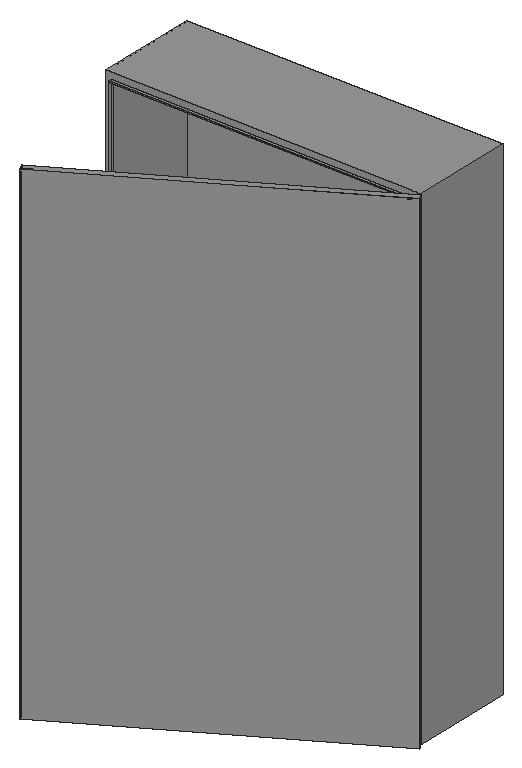
Revit family "Hager-Univers-IP55-D275-H1250-Cl.I-Steel_encl-NoHosted-PL-en", category Equipement électrique, Revit 2020
Family settings
  Configuration du panneau = Deux colonnes, circuits au sein
  Cote de connecteur circulaire = Utiliser le diamètre
  Type d'élément = Tableau de raccordement
  Basée sur le plan de construction = Oui
  Toujours verticalement = Oui
  Couper avec des vides une fois chargée = Non
  Partagée = Non
  Point de calcul de pièce = Non
Parameters (values of type "Surface mounted (plaster) IP55 W800 H1250 D275  - FR83E")
  Width Control [instance] = if([EF000008 - Width] > Min Width, [EF000008 - Width], Min Width)  # 800 mm
  Commentaires du type = [HG000003 - Range]  # "Univers"
  Thickness Door [instance] = if([EF009171 - Material plate thickness door/cover] > 3 mm, 3 mm, [EF009171 - Material plate thickness door/cover])  # 1.5 mm
  Seal Frame Offset [instance] = 17 mm  # constant formula
  Plinth Visibility [instance] = [HG000027 - Plinth height] > 0 mm  # no
  Min Width [instance] = 100 mm  # constant formula
  Min Depth [instance] = (2 * [EF009170 - Material plate thickness cabinet]) + 1 mm  # 4 mm
  Min Height [instance] = 100 mm  # constant formula
  Internal Frame Depth [instance] = (Door System Depth * 0.5)  # 9 mm
  Panel Name [instance] = ""  # (empty or 0)
  Model = ""
  HG000027 - Plinth height = 0 mm
  HG000026 - Floor standing = no
  HG000024 - Bottom section height = 600 mm
  HG000023 - Double section enclosure = no
  HG000016 - Door 3d visibility [instance] = yes
  HG000015 - Clearance visibility [instance] = no
  HG000014 - Door on the right [instance] = yes
  HG000013 - Door on the left [instance] = not([HG000014 - Door on the right])  # no
  HG000012 - Door swing angle [instance] = 30.00°
  HG000010 - Asymmetric doors = no
  HG000009 - Double swing door = no
  HG000006 - Flush mounted = no
  HG000004 - Manufacturer reference = "FR83E"
  HG000003 - Range = "Univers"
  HG000002 - With door or cover = yes
  Frame Offset Bottom [instance] = 10 mm  # constant formula
  Frame Offset [instance] = 15 mm  # constant formula
  EF015940 - Cover with overpressure release = no
  EF011959 - Degree of protection (NEMA) = ""
  EF009554 - Number of openings for flange plates = 6
  EF009212 - Cover model = "EV000116 - Closed"
  EF009171 - Material plate thickness door/cover = 1.5 mm
  EF009170 - Material plate thickness cabinet = 1.5 mm
  EF008873 - Nominal current (In) = 800 A
  EF007800 - Suitable for lightning protection = no
  EF006306 - With lock = no
  EF006244 - Transparent cover/door = no
  EF005474 - Degree of protection (IP) = "EV006420 - IP55"
  EF004464 - Type of door = "EV002646 - Single"
  EF004427 - Number of modules = 288
  EF004293 - Impact strength = "EV008784 - IK10"
  EF003532 - Suitable for outdoor use = no
  EF002950 - Width in number of modular spacings = 24
  EF001613 - Circuit integrity = "EV000494 - None"
  EF001596 - Material housing = "EV000179 - Steel"
  EF001131 - Internal depth = 275 mm
  EF001088 - Extension possible = yes
  EF000437 - Number of conduit inlets = 6
  EF000339 - Type of cover = "EV004216 - Door"
  EF000266 - Number of rows = 8
  EF000218 - Built-in depth = 0 mm
  EF000118 - With mounting plate = no
  EF000116 - RAL-number = "7035"
  EF000049 - Depth = 275 mm
  EF000040 - Height = 1250 mm
  EF000008 - Width = 800 mm
  EF000007 - Colour = "EV000270 - Grey"
  EF000003 - Mounting method = "EV000384 - Surface mounted (plaster)"
  Door System Leaf Tolerance [instance] = 1.5 mm  # constant formula
  Door System Depth [instance] = 18 mm  # constant formula
  Door Height [instance] = Height Control - [HG000027 - Plinth height]  # 1250 mm
  Description = ""
  Default Elevation = 1219.2 mm
  Connector Offset [instance] = Height Control / 2  # 625 mm
  Fabricant = "Hager"  # constant formula
  Height Control [instance] = if([EF000040 - Height] > Min Height, [EF000040 - Height], Min Height)  # 1250 mm
  Depth Control [instance] = if([EF000049 - Depth] > Min Depth, [EF000049 - Depth], Min Depth)  # 275 mm
  Bottom Top Plate Trim [instance] = 1.5 mm  # constant formula
  Plinth height Ctrl [instance] = if([HG000027 - Plinth height] > 0 mm, [HG000027 - Plinth height], 12 mm)  # 12 mm
Types (5, lengths in mm): name | Width Control | HG000010 - Asymmetric doors | HG000009 - Double swing door | HG000004 - Manufacturer reference | EF009554 - Number of openings for flange plates | EF004464 - Type of door | EF004427 - Number of modules | EF000437 - Number of conduit inlets | EF000008 - Width
  Surface mounted (plaster) IP55 W1050 H1250 D275  - FR84E | 1050 | no | yes | "FR84E" | 8 | "EV003602 - Double" | 384 | 8 | 1050
  Surface mounted (plaster) IP55 W1300 H1250 D275  - FR85E | 1300 | yes | yes | "FR85E" | 10 | "EV003602 - Double" | 480 | 10 | 1300
  Surface mounted (plaster) IP55 W300 H1250 D275  - FR81E | 300 | no | no | "FR81E" | 2 | "EV002646 - Single" | 96 | 2 | 300
  Surface mounted (plaster) IP55 W550 H1250 D275  - FR82E | 550 | no | no | "FR82E" | 4 | "EV002646 - Single" | 192 | 4 | 550
  Surface mounted (plaster) IP55 W800 H1250 D275  - FR83E | 800 | no | no | "FR83E" | 6 | "EV002646 - Single" | 288 | 6 | 800
Reference planes
  plane 1 "Center (Front/Back)": y = 0
  plane 2: z = 0
  plane 3 "Center (Left/Right)": x = 0
  plane 4: y = 0
  plane 5: y = 0
  plane 6: z = 0
  plane 7: x = -400
  plane 8: x = 400
  plane 9: x = 398.5
  plane 10: x = -398.5
  plane 11: z = 0
  plane 12: z = 1.5
  plane 13: y = -275
  plane 14: y = -1.5
  plane 15: x = 0
  plane 16: y = -257
  plane 17: y = -273.5
  plane 18: y = -255.5
  plane 19: x = -383.5
  plane 20: x = 383.5
  plane 21: z = 11.5
  plane 22: x = -383
  plane 23: x = 383
  plane 24: z = 0
  plane 25: z = 1250
  plane 26: z = 1250
  plane 27: z = 1233.5
  plane 28: z = 1248.5
Forms (mm)
  Extrusion 1, solid, material "Hager_Steel_RAL7035_Light_Grey", detail levels medium+fine
    sketch origin (-208.679, -4572, 0) x (-1, 0, 0) y (0, -1, 0)
      loop
        line (191.321, -4315) -> (-608.679, -4315) -> (-608.679, -4572) -> (191.321, -4572) -> (191.321, -4315)
    from 0 to 1250
  Extrusion 2, void
    sketch origin (-350.771, -275, 1219.2) x (1, 0, 0) y (0, 0, 1)
      loop
        line (-47.729, 29.3) -> (-47.729, -1217.7) -> (749.271, -1217.7) -> (749.271, 29.3) -> (-47.729, 29.3)
    from -19.5 to -273.5
  Extrusion 3, void
    sketch origin (-290.084, -257, 1219.2) x (1, 0, 0) y (0, 0, 1)
      loop
        line (-93.416, -1207.7) -> (673.584, -1207.7) -> (673.584, 14.3) -> (-93.416, 14.3) -> (-93.416, -1207.7)
    from 0 to -1.5
  Extrusion 4, solid, material "Hager_Steel_RAL7035_Light_Grey", visible <- "Plinth Visibility", detail levels medium+fine
    sketch origin (0, 0, 0) x (1, 0, 0) y (0, 1, 0)
      loop
        line (-400, 0) -> (-400, -257) -> (400, -257) -> (400, 0) -> (-400, 0)
    from 0 to 12 <- "Plinth height Ctrl"
  Extrusion 5, solid, material "Hager_Steel_RAL7035_Light_Grey", detail levels coarse
    sketch origin (0, 0, 0) x (1, 0, 0) y (0, 1, 0)
      loop
        line (-400, 0) -> (-400, -275) -> (400, -275) -> (400, 0) -> (-400, 0)
    from 0 to 1250 <- "Height Control"
  Sweep 6, void
    path in 3D
      loop
        line (-400, -257, 12) -> (400, -257, 12) -> (400, 0, 12) -> (-400, 0, 12) -> (-400, -257, 12)
    profile origin (-400, -128.5, 12) x (1, 0, 0) y (0, 0, 1)
      loop
        line (0, 0) -> (0, -1.5) -> (1.5, -1.5)
        arc (1.5, -1.5) -> (1.061, -0.439) -> (0, 0) r 1.5
  Extrusion 7, solid, material "Hager_Steel_RAL7035_Light_Grey", detail levels fine
    sketch origin (-400, -257, 0) x (1, 0, 0) y (0, 0, 1)
      loop
        line (16.5, 11.5) -> (783.5, 11.5) -> (783.5, 1233.5) -> (16.5, 1233.5) -> (16.5, 11.5)
      loop
        line (15, 10) -> (785, 10) -> (785, 1235) -> (15, 1235) -> (15, 10)
    from 0 to 9 <- "Internal Frame Depth"
Cuts and joins
  Extrusion 2, Extrusion 3 cuts Extrusion 1
  Sweep 6 cuts Extrusion 4
Lines and regions (mm)
  Masking region 1
    outline origin (0, 0, 0) x (1, 0, 0) y (0, 1, 0)
      loop
        line (-400, 0) -> (-400, -275) -> (400, -275) -> (400, 0) -> (-400, 0)
  Masking region 2, detail levels coarse
    outline origin (-290.084, -257, 1219.2) x (-1, 0, 0) y (0, 0, 1)
      loop
        line (-690.084, -1219.2) -> (109.916, -1219.2) -> (109.916, 30.8) -> (-690.084, 30.8) -> (-690.084, -1219.2)
  Masking region 3, detail levels coarse
    outline origin (0, 0, 0) x (0, 1, 0) y (0, 0, 1)
      loop
        line (0, 0) -> (0, 1250) -> (-275, 1250) -> (-275, 0) -> (0, 0)
  Masking region 4, visible <- "Plinth Visibility", detail levels medium+fine
    outline origin (0, 0, 0) x (0, 1, 0) y (0, 0, 1)
      loop
        line (-1.5, 12) -> (-255.5, 12)
        arc (-255.5, 12) -> (-255.939, 10.939) -> (-257, 10.5) r 1.5
        line (-257, 10.5) -> (-257, 0) -> (0, 0) -> (0, 10.5)
        arc (0, 10.5) -> (-1.061, 10.939) -> (-1.5, 12) r 1.5
  Masking region 5, detail levels medium+fine
    outline origin (0, 0, 594.038) x (0, 1, 0) y (0, 0, 1)
      loop
        line (0, -594.038) -> (0, 655.962) -> (-257, 655.962) -> (-257, -594.038) -> (0, -594.038)
  Masking region 6, detail levels medium+fine
    outline origin (-359.7, -257, 1211.883) x (-1, 0, 0) y (0, 0, 1)
      loop
        line (-759.7, -1211.883) -> (40.3, -1211.883) -> (40.3, 38.117) -> (-759.7, 38.117) -> (-759.7, -1211.883)
  Masking region 7, visible <- "Plinth Visibility", detail levels medium+fine
    outline origin (-320.334, -257, 1041.368) x (-1, 0, 0) y (0, 0, 1)
      loop
        line (-720.334, -1041.368) -> (79.666, -1041.368) -> (79.666, -1030.868)
        arc (79.666, -1030.868) -> (78.606, -1030.429) -> (78.166, -1029.368) r 1.5
        line (78.166, -1029.368) -> (-718.834, -1029.368)
        arc (-718.834, -1029.368) -> (-719.273, -1030.429) -> (-720.334, -1030.868) r 1.5
        line (-720.334, -1030.868) -> (-720.334, -1041.368)
  sketch lines
    curve 1: line (-400, 0, 12) -> (-400, -257, 12)
    curve 2: line (-400, -257, 12) -> (400, -257, 12)
    curve 3: line (400, 0, 12) -> (-400, 0, 12)
    curve 4: line (400, -257, 12) -> (400, 0, 12)
Dimensions and locks
  locked: plane 1 "Center (Front/Back)" to plane 5
  "EF009170 - Material plate thickness cabinet": plane 7 to plane 10
  "EF009170 - Material plate thickness cabinet": plane 8 to plane 9
  equal spacing: plane 7, plane 3 "Center (Left/Right)", plane 8
  "Width Control": plane 7 to plane 8
  "Depth Control": plane 4 to plane 13
  "EF009170 - Material plate thickness cabinet": plane 4 to plane 14
  "Height Control": plane 25 to level
  "HG000027 - Plinth height": plane 11 to level
  "EF009170 - Material plate thickness cabinet": plane 12 to plane 11
  "EF009170 - Material plate thickness cabinet": plane 17 to plane 13
  "EF009170 - Material plate thickness cabinet": plane 18 to plane 16
  "Frame Offset Bottom": plane 21 to plane 12
  "Frame Offset": plane 10 to plane 19
  "Frame Offset": plane 9 to plane 20
  "Door System Depth": plane 16 to plane 13
  "Seal Frame Offset": plane 7 to plane 22
  "Seal Frame Offset": plane 8 to plane 23
  "EF009170 - Material plate thickness cabinet": plane 26 to plane 28
  "Frame Offset": plane 28 to plane 27
  "Connector Offset": plane 2 to connector elem
  "Bottom Top Plate Trim": profile plane to Sweep 6 sketch curve
  "Bottom Top Plate Trim": Sweep 6 sketch curve to Sweep 6 sketch curve
  "Plinth height Ctrl": Masking region 4 sketch curve to level
  "Plinth height Ctrl": Masking region 7 sketch curve to level
  "Thickness Door": Extrusion 7 sketch curve to Extrusion 7 sketch curve  (x4)
  "Bottom Top Plate Trim": radius of Sweep 6 sketch curve
  "Bottom Top Plate Trim": radius of Masking region 4 sketch curve  (x2)
  "Bottom Top Plate Trim": radius of Masking region 7 sketch curve  (x2)
  aligned and locked: Extrusion 2 sketch curve to plane 12
  aligned and locked: Extrusion 2 sketch curve to plane 9
  aligned and locked: Extrusion 2 sketch curve to plane 10
  aligned and locked: Extrusion 2 to plane 14
  aligned and locked: Extrusion 1 sketch curve to plane 4
  aligned and locked: plane 8 to Extrusion 1 sketch curve
  aligned and locked: plane 7 to Extrusion 1 sketch curve
  aligned and locked: Extrusion 2 to plane 18
  aligned and locked: Extrusion 3 sketch curve to plane 19
  aligned and locked: plane 20 to Extrusion 3 sketch curve
  aligned and locked: Extrusion 3 to Extrusion 2
  aligned and locked: Extrusion 3 sketch curve to plane 21
  aligned and locked: plane 3 "Center (Left/Right)" to nested 1
  aligned and locked: Extrusion 1 sketch curve to plane 16
  aligned and locked: Extrusion 4 sketch curve to cut or joined group of Extrusion 1, Extrusion 2, Extrusion 3
  aligned and locked: Masking region 1 sketch curve to plane 7
  aligned and locked: Masking region 1 sketch curve to plane 5
  aligned and locked: Masking region 1 sketch curve to plane 8
  aligned and locked: Masking region 2 sketch curve to level
  aligned and locked: level to Masking region 3 sketch curve
  aligned and locked: plane 1 "Center (Front/Back)" to Masking region 3 sketch curve
  aligned and locked: plane 13 to Masking region 3 sketch curve
  aligned and locked: plane 5 to Masking region 4 sketch curve
  aligned and locked: Masking region 2 sketch curve to plane 8
  aligned and locked: Masking region 2 sketch curve to plane 7
  aligned and locked: plane 7 to nested 2
  aligned and locked: nested 2 to plane 5
  aligned and locked: plane 5 to Masking region 5 sketch curve
  aligned and locked: plane 26 to Masking region 5 sketch curve
  aligned and locked: Extrusion 5 sketch curve to plane 8
  aligned and locked: Extrusion 5 sketch curve to plane 7
  aligned and locked: Extrusion 5 sketch curve to plane 5
  aligned and locked: Extrusion 3 sketch curve to plane 27
  aligned and locked: Extrusion 2 sketch curve to plane 28
  aligned and locked: Masking region 2 to plane 25
  aligned and locked: Extrusion 4 to plane 16
  aligned and locked: profile plane to Sweep 6 sketch curve
  aligned and locked: Masking region 5 sketch curve to plane 24
  aligned and locked: level to Masking region 4 sketch curve
  aligned and locked: Masking region 1 to plane 13
  aligned and locked: nested 1 to plane 16
  aligned and locked: Masking region 3 to plane 25
  aligned and locked: plane 16 to Masking region 4 sketch curve
  aligned and locked: Masking region 5 sketch curve to plane 16
  aligned and locked: plane 24 to plane 11
  aligned and locked: plane 26 to plane 25
  aligned and locked: plane 26 to cut or joined group of Extrusion 1, Extrusion 2, Extrusion 3
  aligned and locked: nested 1 to plane 24
  aligned and locked: Extrusion 1 to Extrusion 3
  aligned and locked: Masking region 6 sketch curve to plane 8
  aligned and locked: Masking region 6 sketch curve to plane 24
  aligned and locked: Masking region 6 sketch curve to plane 7
  aligned and locked: Masking region 6 sketch curve to plane 26
  aligned and locked: Masking region 7 sketch curve to plane 7
  aligned and locked: level to Masking region 7 sketch curve
  aligned and locked: Masking region 7 sketch curve to plane 8
  aligned and locked: Extrusion 7 sketch curve to cut or joined group of Extrusion 1, Extrusion 2, Extrusion 3  (x4)
Automatic sketch dimensions
  plane 19 to Extrusion 3 sketch curve = 0 mm
  Extrusion 3 sketch curve to plane 20 = 0 mm
  Extrusion 3 sketch curve to plane 21 = 0 mm
  Extrusion 4 sketch curve to plane 7 = 0 mm
  Extrusion 4 sketch curve to plane 8 = 0 mm
  Extrusion 4 sketch curve to plane 16 = 0 mm
  Masking region 1 sketch curve to plane 13 = 0 mm
  Masking region 2 sketch curve to plane 25 = 0 mm
  Masking region 3 sketch curve to plane 25 = 0 mm
  Extrusion 5 sketch curve to plane 13 = 0 mm
  profile plane to Sweep 6 sketch curve = 0 mm
Nested families
  nested 1: "EC000058_Univers_Door" at (0, -257, 0), Double <- "HG000009 - Double swing door", Transparent <- "EF006244 - Transparent cover/door", Angle <- "HG000012 - Door swing angle", Door_Right <- "HG000014 - Door on the right", Assymetrical <- "HG000010 - Asymmetric doors", Door <- "HG000002 - With door or cover", Width_Ctrl <- "Width Control", 3d_Door <- "HG000016 - Door 3d visibility", Clearance <- "HG000015 - Clearance visibility", Door_Left <- "HG000013 - Door on the left", Width <- "Width Control", Door_Depth <- "Door System Depth", Leaf_Tolerance <- "Door System Leaf Tolerance", Height <- "Door Height", Lock_Visibility <- "EF006306 - With lock", Thickness <- "Thickness Door", type "EC000058_Univers_Door", detail levels medium+fine
    with min_wh 4 mm, Width_Ctrl 800 mm, Width 800 mm, Transparent no, Thickness 1.5 mm, Seal_Material Hager_Rubber, Lock_Visibility no, Lock_Material Hager_Plastic_RAL9005_Jet_Black, Leaf_Width 800 mm, Leaf_Tolerance_External_Sides 0 mm, Leaf_Tolerance 1.5 mm, Leaf_Offset 0 mm, Leaf_Height 1247 mm, Leaf_2_Width 800 mm, Leaf_2_Offset 400 mm, Leaf_1_Width 800 mm, Leaf_1_Offset 400 mm, Height_Ctrl 1250 mm, Height 1250 mm, Glass_Material Hager_Glass, Double_Clearance_Ctrl no, Double no, Door_Right_Ctrl yes, Door_Right yes, Door_Material Hager_Steel_RAL7035_Light_Grey, Door_Left_Ctrl no, Door_Left no, Door_Depth 18 mm, Door yes, Clearance_Material Hager_Clearance, Clearance_Depth 800 mm, Clearance_Ctrl no, Clearance no, Assymetrical no, Angle 30.00°, 3d_Door yes
  nested 2: "Hager_Enclosure_Symbol" at (-400, 0, 0), Height <- "Depth Control", Width <- "Width Control", type "Hager_Enclosure_Symbol"
    with Width_Ctrl 800 mm, Width 800 mm, Height_Ctrl 275 mm, Height 275 mm, A_Width_Int 18.047 mm, A_Width 216.562 mm, A_Height_Ctrl 240.625 mm, A_Height 240.625 mm
Connectors
  electrical at (0, 0, 625)
    settings: on plane 1 "Center (Front/Back)", index 1, voltage 0 V, apparent load 0 VA, apparent load phase1 0 VA, apparent load phase2 0 VA, apparent load phase3 0 VA, power factor 1, load classification "Other", number of poles 1, system type 30, power factor state 1, is connector primary yes, connector utility no, sub classification motor no, connector description ""
Definition of nested family "EC000058_Univers_Door"
  Parameters (values of type "EC000058_Univers_Door")
    min_wh [instance] = (2 * Thickness) + 1 mm  # 11 mm
    Width_Ctrl [instance] = 400 mm
    Width [instance] = 500 mm
    Transparent [instance] = yes
    Thickness [instance] = 5 mm
    Seal_Material [instance] = none
    Lock_Visibility [instance] = yes
    Lock_Material [instance] = none
    Leaf_Width [instance] = if((Width_Ctrl - 2 * Leaf_Tolerance_External_Sides) > 0 mm, (Width_Ctrl - 2 * Leaf_Tolerance_External_Sides), min_wh)  # 400 mm
    Leaf_Tolerance_External_Sides [instance] = 0 mm  # constant formula
    Leaf_Tolerance [instance] = 1.5 mm
    Leaf_Offset [instance] = 0 mm  # constant formula
    Leaf_Height [instance] = if((Height_Ctrl - 2 * Leaf_Tolerance) > 0 mm, (Height_Ctrl - 2 * Leaf_Tolerance), min_wh)  # 497 mm
    Leaf_2_Width [instance] = if(and(and(Double, Assymetrical), Door_Left), (Leaf_Width / 3) - (Leaf_Tolerance / 2), if(and(and(Double, Assymetrical), Door_Right), (Leaf_Width / 3) * 2 - (Leaf_Tolerance / 2), if(and(Double, not(Assymetrical)), (Leaf_Width / 2) - Leaf_Tolerance, Leaf_Width)))  # 400 mm
    Leaf_2_Offset [instance] = if(and(Double, Assymetrical), Leaf_2_Width / 2, if(and(Double, not(Assymetrical)), Leaf_Width / 4, Leaf_Width / 2))  # 200 mm
    Leaf_1_Width [instance] = if(and(and(Double, Assymetrical), Door_Right), (Leaf_Width / 3) - (Leaf_Tolerance / 2), if(and(and(Double, Assymetrical), Door_Left), (Width / 3) * 2 - (Leaf_Tolerance / 2), if(and(Double, not(Assymetrical)), (Leaf_Width / 2) - Leaf_Tolerance, Leaf_Width)))  # 400 mm
    Leaf_1_Offset [instance] = if(and(Double, Assymetrical), Leaf_1_Width / 2, if(and(Double, not(Assymetrical)), Leaf_Width / 4, Leaf_Width / 2))  # 200 mm
    Height_Ctrl [instance] = if(Height > min_wh, Height, min_wh)  # 500 mm
    Height [instance] = 500 mm
    Glass_Material [instance] = none
    Double_Clearance_Ctrl [instance] = and(Double, Clearance)  # no
    Double [instance] = no
    Door_Right_Ctrl [instance] = and(or(Door_Right, Double), Door)  # yes
    Door_Right [instance] = yes
    Door_Material [instance] = none
    Door_Left_Ctrl [instance] = and(or(Door_Left, Double), Door)  # no
    Door_Left [instance] = no
    Door_Depth [instance] = 30 mm
    Door [instance] = yes
    Default Elevation = 1219.2 mm
    Clearance_Material [instance] = none
    Clearance_Depth [instance] = if(Leaf_1_Width > Leaf_2_Width, Leaf_1_Width, Leaf_2_Width)  # 400 mm
    Clearance_Ctrl [instance] = and(not(Double), Clearance)  # yes
    Clearance [instance] = yes
    Assymetrical [instance] = yes
    Angle [instance] = 30.00°
    3d_Door [instance] = yes
  Reference planes
    plane 1 "Center (Front/Back)": y = 0
    plane 2 "Bottom": z = 0
    plane 3 "Center (Left/Right)": x = 0
    plane 4: z = 500
    plane 5: x = -200
    plane 6: x = 200
    plane 7: z = 500
    plane 8: x = -200
    plane 9: z = 0
    plane 10: x = 200
    plane 11: y = 0
    plane 12: z = 1.5
    plane 13: x = -600
    plane 14: y = -400
    plane 15: x = 600
    plane 16: x = 0
    plane 17: x = 0
    plane 18: x = -200
    plane 19: x = 200
    plane 20: z = 498.5
  Forms (mm)
    Extrusion 1, solid, material <- "Clearance_Material", visible <- "Double_Clearance_Ctrl"
      sketch origin (1200, 0, 0) x (1, 0, 0) y (0, 0, -1)
        loop
          line (-1800, -498.5) -> (-600, -498.5) -> (-600, 0) -> (-1800, 0) -> (-1800, -498.5)
      from 0 to -400
  Dimensions and locks
    equal spacing: plane 5, plane 3 "Center (Left/Right)", plane 6
    "Width_Ctrl": plane 5 to plane 6
    "Leaf_Offset": plane 5 to plane 8
    "Leaf_Offset": plane 6 to plane 10
    "Leaf_Offset": plane 9 to level
    "Leaf_Offset": plane 4 to plane 7
    "Height_Ctrl": plane 4 to level
    "Leaf_Tolerance": plane 12 to plane 9
    locked: plane 11 to plane 1 "Center (Front/Back)"
    "Leaf_1_Offset": plane 18 to plane 16
    "Leaf_2_Offset": plane 17 to plane 19
    "Leaf_1_Width": plane 13 to plane 8
    "Leaf_2_Width": plane 10 to plane 15
    "Clearance_Depth": plane 14 to plane 1 "Center (Front/Back)"
    "Leaf_Tolerance_External_Sides": plane 8 to plane 18
    "Leaf_Tolerance_External_Sides": plane 19 to plane 10
    "Leaf_Tolerance": plane 7 to plane 20
    aligned and locked: level to plane 2 "Bottom"
    aligned and locked: nested 1 to plane 16
    aligned and locked: nested 2 to plane 17
    aligned and locked: Extrusion 1 to plane 13
    aligned and locked: plane 15 to Extrusion 1
    aligned and locked: Extrusion 1 to plane 14
    aligned and locked: plane 12 to nested 1
    aligned and locked: nested 2 to plane 12
    aligned and locked: Extrusion 1 to plane 11
    aligned and locked: plane 20 to Extrusion 1
    aligned and locked: nested 2 to plane 11
    aligned and locked: nested 1 to plane 11
  Automatic sketch dimensions
    Extrusion 1 sketch curve to level = 0 mm
    plane 5 to Extrusion 1 sketch curve = 400 mm
    plane 6 to Extrusion 1 sketch curve = 400 mm
    Extrusion 1 sketch curve to plane 4 = 1.5 mm
  Nested families
    nested 1: "EC000058_Univers_Door_Leaf" at (0, 0, 1.5), Width <- "Leaf_1_Width", visible <- "Door_Left_Ctrl", Leaf_Height <- "Leaf_Height", Angle <- "Angle", 3d_Door <- "3d_Door", Transparent <- "Transparent", Clearance Material <- "Clearance_Material", Clearance <- "Clearance_Ctrl", Door_Material <- "Door_Material", Glass_Material <- "Glass_Material", Door_Depth <- "Door_Depth", Lock_Material <- "Lock_Material", Seal_Material <- "Seal_Material", Lock_Visibility <- "Lock_Visibility", Thickness <- "Thickness", type "EC000058_Univers_Door_Leaf"
      with Width 400 mm, Transparent_Glass_Offset 30 mm, Transparent_Ctrl yes, Transparent yes, Thickness 5 mm, Standard no, Seal_Material none, Seal_D2 8 mm, Seal_D1 1 mm, Offset_Internal_Frame 10 mm, Lock_Width 20 mm, Lock_Visibility_3d yes, Lock_Visibility yes, Lock_Thickness_3 3 mm, Lock_Thickness_2 1 mm, Lock_Thickness_1 3 mm, Lock_Radius_Offset_2 16 mm, Lock_Radius_Offset_1 15 mm, Lock_Radius_2 5 mm, Lock_Radius 6 mm, Lock_Offset 5 mm, Lock_Material none, Lock_Height 80 mm, Lock_Cover_Top_Offset_2d 17 mm, Lock_Cover_Height -65 mm, Leaf_Height 497 mm, Internal_Seal_Thickness 8 mm, Internal_Seal_Depth_2 4.5 mm, Internal_Frame_Depth 25 mm, Glass_Thickness -1 mm, Glass_Offset -2 mm, Glass_Material none, Door_Material none, Door_Depth 30 mm, Clearance Material none, Clearance yes, Angle_Ctrl 30.00°, Angle 30.00°, 3d_Door yes
    nested 2: "EC000058_Univers_Door_Leaf" at (0, 0, 1.5) x (-1, 0, 0) z (0, 0, 1), Width <- "Leaf_2_Width", visible <- "Door_Right_Ctrl", Leaf_Height <- "Leaf_Height", Angle <- "Angle", 3d_Door <- "3d_Door", Transparent <- "Transparent", Clearance Material <- "Clearance_Material", Clearance <- "Clearance_Ctrl", Door_Material <- "Door_Material", Glass_Material <- "Glass_Material", Door_Depth <- "Door_Depth", Lock_Material <- "Lock_Material", Seal_Material <- "Seal_Material", Lock_Visibility <- "Lock_Visibility", Thickness <- "Thickness", type "EC000058_Univers_Door_Leaf"
      with Width 400 mm, Transparent_Glass_Offset 30 mm, Transparent_Ctrl yes, Transparent yes, Thickness 5 mm, Standard no, Seal_Material none, Seal_D2 8 mm, Seal_D1 1 mm, Offset_Internal_Frame 10 mm, Lock_Width 20 mm, Lock_Visibility_3d yes, Lock_Visibility yes, Lock_Thickness_3 3 mm, Lock_Thickness_2 1 mm, Lock_Thickness_1 3 mm, Lock_Radius_Offset_2 16 mm, Lock_Radius_Offset_1 15 mm, Lock_Radius_2 5 mm, Lock_Radius 6 mm, Lock_Offset 5 mm, Lock_Material none, Lock_Height 80 mm, Lock_Cover_Top_Offset_2d 17 mm, Lock_Cover_Height -65 mm, Leaf_Height 497 mm, Internal_Seal_Thickness 8 mm, Internal_Seal_Depth_2 4.5 mm, Internal_Frame_Depth 25 mm, Glass_Thickness -1 mm, Glass_Offset -2 mm, Glass_Material none, Door_Material none, Door_Depth 30 mm, Clearance Material none, Clearance yes, Angle_Ctrl 30.00°, Angle 30.00°, 3d_Door yes
  Definition of nested family "EC000058_Univers_Door_Leaf"
    Parameters (values of type "EC000058_Univers_Door_Leaf")
      Width [instance] = 2000 mm
      Transparent_Glass_Offset [instance] = 30 mm
      Transparent_Ctrl [instance] = and(Transparent, [3d_Door])  # yes
      Transparent [instance] = yes
      Thickness [instance] = 5 mm
      Standard [instance] = and(not(Transparent), [3d_Door])  # no
      Seal_Material [instance] = none
      Seal_D2 [instance] = 8 mm  # constant formula
      Seal_D1 [instance] = 1 mm  # constant formula
      Offset_Internal_Frame [instance] = 10 mm  # constant formula
      Lock_Width [instance] = 20 mm  # constant formula
      Lock_Visibility_3d [instance] = and(Lock_Visibility, [3d_Door])  # yes
      Lock_Visibility [instance] = yes
      Lock_Thickness_3 [instance] = 3 mm  # constant formula
      Lock_Thickness_2 [instance] = 1 mm  # constant formula
      Lock_Thickness_1 [instance] = 3 mm  # constant formula
      Lock_Radius_Offset_2 [instance] = Lock_Radius_Offset_1 + 1 mm  # 16 mm
      Lock_Radius_Offset_1 [instance] = 15 mm  # constant formula
      Lock_Radius_2 [instance] = Lock_Radius - 1 mm  # 5 mm
      Lock_Radius [instance] = 6 mm  # constant formula
      Lock_Offset [instance] = 5 mm  # constant formula
      Lock_Material [instance] = none
      Lock_Height [instance] = 80 mm  # constant formula
      Lock_Cover_Top_Offset_2d [instance] = Lock_Radius_Offset_2 + 1 mm  # 17 mm
      Lock_Cover_Height [instance] = -(Lock_Height - Lock_Radius_Offset_1)  # -65 mm
      Leaf_Height [instance] = 2720.336 mm
      Internal_Seal_Thickness [instance] = 8 mm  # constant formula
      Internal_Seal_Depth_2 [instance] = 4.5 mm  # constant formula
      Internal_Frame_Depth [instance] = if(Door_Depth - Thickness > 5 mm, Door_Depth - Thickness, 5 mm)  # 25 mm
      Glass_Thickness [instance] = if(Thickness > 15 mm, Glass_Offset + 10 mm, -1 mm)  # -1 mm
      Glass_Offset [instance] = if(Thickness > 15 mm, -(Thickness + 10 mm) / 2, -2 mm)  # -2 mm
      Glass_Material [instance] = none
      Door_Material [instance] = none
      Door_Depth [instance] = 30 mm
      Default Elevation = 0 mm
      Clearance Material [instance] = none
      Clearance [instance] = yes
      Angle_Ctrl [instance] = if(Angle > 180.00°, 180.00°, Angle)  # 90.00°
      Angle [instance] = 90.00°
      3d_Door [instance] = yes
    Reference planes
      plane 1 "Center (Front/Back)": y = 0
      plane 2: z = 0
      plane 3 "Center (Left/Right)": x = 0
      plane 4: y = 2000
      plane 5: x = -1000
      plane 6: x = 1000
      plane 7: x = -3000
      plane 8: z = 2720.336
      plane 9: z = 30
      plane 10: z = 2690.336
      plane 11: x = 970
      plane 12: x = -970
      plane 13: y = -3
      plane 14: z = 107.833
      plane 15: y = -5
      plane 16: y = -223.314
      plane 17: x = -1000
      plane 18: z = 1360.168
      plane 19: y = 30
    Forms (mm)
      Extrusion 1, solid, material <- "Clearance Material", visible <- "Clearance"
        sketch origin (0, 0, 0) x (1, 0, 0) y (0, 0, 1)
          loop
            line (-3000, 2720.336) -> (-3000, 0) -> (1000, 0) -> (1000, 2720.336) -> (-3000, 2720.336)
        from 0 to -2000
      Extrusion 2, solid, material <- "Door_Material", visible <- "Standard", detail levels medium+fine
        sketch origin (-1000, 0, 0) x (0, 1, 0) y (-1, 0, 0)
          loop
            line (0, 30) -> (0, 25) -> (2000, 25) -> (2000, 30) -> (0, 30)
        from 0 to 2720.336 <- "Leaf_Height"
      Extrusion 3, solid, material <- "Door_Material", visible <- "Transparent_Ctrl", detail levels medium+fine
        sketch origin (-1000, 0, 0) x (0, 1, 0) y (-1, 0, 0)
          loop
            line (0, 25) -> (2000, 25) -> (2000, 30) -> (0, 30) -> (0, 25)
        from 0 to 2720.336 <- "Leaf_Height"
      Extrusion 4, void
        sketch origin (-1025, 2000, 0) x (0, 1, 0) y (0, 0, -1)
          loop
            line (-30, -2690.336) -> (-30, -30) -> (-1970, -30) -> (-1970, -2690.336) -> (-30, -2690.336)
        from 0 to 5 <- "Thickness"
      Sweep 5, solid, material <- "Seal_Material", visible <- "Transparent_Ctrl", detail levels fine
        path in 3D
          loop
            line (-1025, 30, 30) -> (-1025, 30, 2690.336) -> (-1025, 1970, 2690.336) -> (-1025, 1970, 30) -> (-1025, 30, 30)
        profile origin (-1025, 1000, 30) x (1, 0, 0) y (0, 0, 1)
          loop
            line (0, 0) -> (0, -8) -> (1, -8) -> (1, 0) -> (0, 0)
      Extrusion 6, solid, material <- "Glass_Material", visible <- "Transparent_Ctrl", detail levels medium+fine
        sketch origin (-1030, 0, 0) x (0, 1, 0) y (0, 0, -1)
          loop
            line (1970, -2690.336) -> (1970, -30) -> (30, -30) -> (30, -2690.336) -> (1970, -2690.336)
        from -2 <- "Glass_Offset" to -1 <- "Glass_Thickness"
      Extrusion 7, solid, material <- "Door_Material", visible <- "3d_Door", detail levels medium+fine
        sketch origin (-1025, 2000, 0) x (0, -1, 0) y (0, 0, -1)
          loop
            line (0, -2720.336) -> (2000, -2720.336) -> (2000, 0) -> (0, 0) -> (0, -2720.336)
          loop
            line (1995, -5) -> (5, -5) -> (5, -2715.336) -> (1995, -2715.336) -> (1995, -5)
        from 0 to 25 <- "Internal_Frame_Depth"
      Sweep 8, solid, material <- "Seal_Material", visible <- "Transparent_Ctrl", detail levels fine
        path in 3D
          loop
            line (-1025, 0, 0) -> (-1025, 2000, 0) -> (-1025, 2000, 2720.336) -> (-1025, 0, 2720.336) -> (-1025, 0, 0)
        profile origin (-1025, 0, 1360.168) x (1, 0, 0) y (0, 1, 0)
          loop
            line (0, 10) -> (2.975, 10)
            arc (2.975, 10) -> (4.053, 10.447) -> (4.5, 11.525) r 1.525
            line (4.5, 11.525) -> (4.5, 16.527)
            arc (4.5, 16.527) -> (4.069, 17.569) -> (3.027, 18) r 1.473
            line (3.027, 18) -> (0, 18) -> (0, 10)
      Extrusion 9, solid, material <- "Lock_Material", visible <- "Lock_Visibility_3d", detail levels fine
        sketch origin (-1030, 0, 0) x (0, 1, 0) y (0, 0, -1)
          loop
            arc (1993.5, -1400.168) -> (1994.561, -1399.729) -> (1995, -1398.668) r 1.5
            line (1995, -1398.668) -> (1995, -1320.168) -> (1975, -1320.168) -> (1975, -1398.668)
            arc (1975, -1398.668) -> (1975.439, -1399.729) -> (1976.5, -1400.168) r 1.5
            line (1976.5, -1400.168) -> (1993.5, -1400.168)
        from 3 <- "Lock_Thickness_1" to 0
      Blend 10, solid, material <- "Lock_Material", visible <- "Lock_Visibility_3d", detail levels fine
        base sketch origin (-1033, 0, 0) x (0, 1, 0) y (0, 0, -1)
          loop
            line (1975, -1320.168) -> (1975, -1398.668)
            arc (1975, -1398.668) -> (1975.439, -1399.729) -> (1976.5, -1400.168) r 1.5
            line (1976.5, -1400.168) -> (1993.5, -1400.168)
            arc (1993.5, -1400.168) -> (1994.561, -1399.729) -> (1995, -1398.668) r 1.5
            line (1995, -1398.668) -> (1995, -1320.168) -> (1975, -1320.168)
        top sketch origin (-1033, 0, 0) x (0, 1, 0) y (0, 0, -1)
          loop
            line (1976, -1320.168) -> (1976, -1398.668)
            arc (1976, -1398.668) -> (1976.146, -1399.022) -> (1976.5, -1399.168) r 0.5
            line (1976.5, -1399.168) -> (1993.5, -1399.168)
            arc (1993.5, -1399.168) -> (1993.854, -1399.022) -> (1994, -1398.668) r 0.5
            line (1994, -1398.668) -> (1994, -1320.168) -> (1976, -1320.168)
        from 0 to 1 <- "Lock_Thickness_2"
      Blend 11, solid, material <- "Lock_Material", visible <- "Lock_Visibility_3d", detail levels fine
        base sketch origin (-1034, 0, 0) x (0, 1, 0) y (0, 0, -1)
          loop
            line (1978, -1320.168) -> (1978, -1384.168)
            arc (1978, -1384.168) -> (1985, -1391.168) -> (1992, -1384.168) r 7
            line (1992, -1384.168) -> (1992, -1320.168) -> (1978, -1320.168)
        top sketch origin (-1034, 0, 0) x (0, 1, 0) y (0, 0, -1)
          loop
            line (1991, -1320.168) -> (1979, -1320.168) -> (1979, -1383.168)
            arc (1979, -1383.168) -> (1985, -1389.168) -> (1991, -1383.168) r 6
            line (1991, -1383.168) -> (1991, -1320.168)
        from 0 to 3 <- "Lock_Thickness_3"
      Extrusion 12, solid, material <- "Lock_Material", visible <- "Lock_Visibility_3d", detail levels fine
        sketch origin (-1030, 1975, 1320.168) x (1, 0, 0) y (0, -1, 0)
          loop
            line (-7, -19) -> (-7, -1) -> (0, -1) -> (0, 0) -> (-8, 0) -> (-8, -20) -> (0, -20) -> (0, -19) -> (-7, -19)
        from 0 to -65 <- "Lock_Cover_Height"
      Extrusion 13, void
        sketch origin (-1038, 1995, 1320.168) x (-1, 0, 0) y (0, 0, -1)
          loop
            line (-5, -65) -> (0, -65) -> (-5, -60) -> (-5, -65)
        from 0 to 20 <- "Lock_Width"
      Extrusion 14, void
        sketch origin (-1038, 1975, 1320.168) x (0, -1, 0) y (0, 0, -1)
          loop
            circle (-10, -15.995) r 6
          loop
            circle (-10, -15.995) r 5
        from 0 to 2
      Extrusion 15, solid, material <- "Lock_Material", visible <- "Lock_Visibility_3d", detail levels medium
        sketch origin (-1030, 0, 0) x (0, 1, 0) y (0, 0, -1)
          loop
            arc (1993.5, -1400.168) -> (1994.561, -1399.729) -> (1995, -1398.668) r 1.5
            line (1995, -1398.668) -> (1995, -1320.168) -> (1975, -1320.168) -> (1975, -1398.668)
            arc (1975, -1398.668) -> (1975.439, -1399.729) -> (1976.5, -1400.168) r 1.5
            line (1976.5, -1400.168) -> (1993.5, -1400.168)
        from 8 to 0
    Cuts and joins
      Extrusion 4 cuts Extrusion 3
      Extrusion 13, Extrusion 14 cuts Extrusion 9
      Extrusion 14 cuts Blend 11
      Extrusion 13, Extrusion 14 cuts Extrusion 12
      joined: Extrusion 9, Blend 10, Blend 11, Extrusion 12
      Extrusion 14 cuts Extrusion 15
    Lines and regions (mm)
      Masking region 1, visible <- "Lock_Visibility", detail levels fine
        outline origin (0, 0, 0) x (0, 1, 0) y (0, 0, 1)
          loop
            line (30, 1320.168) -> (33, 1320.168) -> (33, 1400.168) -> (30, 1400.168) -> (30, 1320.168)
      Masking region 2, visible <- "Lock_Visibility", detail levels fine
        outline origin (0, 3.143, 0) x (0, 1, 0) y (0, 0, 1)
          loop
            line (29.857, 1354.168) -> (30.857, 1354.168) -> (30.857, 1366.168) -> (29.857, 1366.168) -> (29.857, 1354.168)
      Masking region 3, detail levels medium+fine
        outline origin (0, 0, 0) x (0, 1, 0) y (0, 0, 1)
          loop
            line (0, 0) -> (30, 0) -> (30, 2720.336) -> (0, 2720.336) -> (0, 0)
      Masking region 4, detail levels medium+fine
        outline origin (0, 0, 0) x (1, 0, 0) y (0, 0, 1)
          loop
            line (-1000, 2720.336) -> (-1000, 0) -> (1000, 0) -> (1000, 2720.336) -> (-1000, 2720.336)
      Masking region 5, visible <- "Lock_Visibility", detail levels fine
        outline origin (-47.116, 0, 0) x (1, 0, 0) y (0, 0, 1)
          loop
            arc (1024.616, 1399.168) -> (1023.556, 1398.729) -> (1023.116, 1397.668) r 1.5
            line (1023.116, 1397.668) -> (1023.116, 1320.168) -> (1041.116, 1320.168) -> (1041.116, 1397.668)
            arc (1041.116, 1397.668) -> (1040.677, 1398.729) -> (1039.616, 1399.168) r 1.5
            line (1039.616, 1399.168) -> (1024.616, 1399.168)
      Masking region 6, visible <- "Lock_Visibility", detail levels medium+fine
        outline origin (-25, 0, 0) x (1, 0, 0) y (0, 0, 1)
          loop
            arc (1001.5, 1400.168) -> (1000.439, 1399.729) -> (1000, 1398.668) r 1.5
            line (1000, 1398.668) -> (1000, 1320.168) -> (1020, 1320.168) -> (1020, 1398.668)
            arc (1020, 1398.668) -> (1019.561, 1399.729) -> (1018.5, 1400.168) r 1.5
            line (1018.5, 1400.168) -> (1001.5, 1400.168)
      Masking region 7, visible <- "Lock_Visibility", detail levels fine
        outline origin (-73.735, 0, 0) x (1, 0, 0) y (0, 0, 1)
          loop
            line (1051.735, 1382.168) -> (1065.735, 1382.168) -> (1065.735, 1384.168)
            arc (1065.735, 1384.168) -> (1058.735, 1391.168) -> (1051.735, 1384.168) r 7
            line (1051.735, 1384.168) -> (1051.735, 1382.168)
      Masking region 8, visible <- "Lock_Visibility", detail levels fine
        outline origin (-73.735, 0, 0) x (1, 0, 0) y (0, 0, 1)
          loop
            line (1052.735, 1382.168) -> (1064.735, 1382.168) -> (1064.735, 1383.168)
            arc (1064.735, 1383.168) -> (1058.735, 1389.168) -> (1052.735, 1383.168) r 6
            line (1052.735, 1383.168) -> (1052.735, 1382.168)
      Masking region 9, visible <- "Lock_Visibility", detail levels fine
        outline origin (-25, 0, 0) x (1, 0, 0) y (0, 0, 1)
          loop
            line (1020, 1320.168) -> (1020, 1382.168) -> (1000, 1382.168) -> (1000, 1320.168) -> (1020, 1320.168)
      Masking region 10, detail levels medium+fine
        outline origin (0, 0, 0) x (1, 0, 0) y (0, 0, 1)
          loop
            circle (985, 1335.144) r 6
      Masking region 11, detail levels fine
        outline origin (0, 0, 0) x (1, 0, 0) y (0, 0, 1)
          loop
            circle (985, 1335.144) r 5
      Masking region 12, visible <- "Lock_Visibility", detail levels fine
        outline origin (0, 12.767, 0) x (0, 1, 0) y (0, 0, 1)
          loop
            line (20.233, 1320.168) -> (21.233, 1320.168) -> (21.233, 1399.168) -> (20.233, 1400.168) -> (20.233, 1320.168)
      Masking region 13, visible <- "Lock_Visibility", detail levels fine
        outline origin (0, 13.767, -10) x (0, 1, 0) y (0, 0, 1)
          loop
            line (20.233, 1330.168) -> (23.233, 1330.168) -> (23.233, 1399.168) -> (20.233, 1402.168) -> (20.233, 1330.168)
      Masking region 14, visible <- "Lock_Visibility", detail levels fine
        outline origin (0, 12.767, -10) x (0, 1, 0) y (0, 0, 1)
          loop
            line (20.233, 1330.168) -> (25.233, 1330.168) -> (25.233, 1399.305) -> (20.233, 1394.305) -> (20.233, 1330.168)
      Masking region 15, visible <- "Lock_Visibility", detail levels medium
        outline origin (0, 0, 0) x (0, 1, 0) y (0, 0, 1)
          loop
            line (30, 1320.168) -> (38, 1320.168) -> (38, 1400.168) -> (30, 1400.168) -> (30, 1320.168)
      Masking region 16, visible <- "Lock_Visibility", detail levels fine
        outline origin (-1000, 0, 0) x (0, 1, 0) y (-1, 0, 0)
          loop
            line (1975, 30) -> (1995, 30) -> (1995, 38) -> (1975, 38) -> (1975, 30)
          loop
            line (1979, 37) -> (1976, 37) -> (1976, 34) -> (1978, 34) -> (1979, 37)
          loop
            line (1994, 37) -> (1991, 37) -> (1992, 34) -> (1994, 34) -> (1994, 37)
      Masking region 17, visible <- "Lock_Visibility", detail levels medium
        outline origin (-1000, 0, 0) x (0, 1, 0) y (-1, 0, 0)
          loop
            line (1975, 30) -> (1995, 30) -> (1995, 38) -> (1975, 38) -> (1975, 30)
      symbolic lines
        curve 1: line (1000, 0, 0) -> (-3000, 0, 0)
        curve 2: arc (1000, 0, 0) -> (-1000, 2000, 0) -> (-3000, 0, 0) r 2000
        curve 4: line (-1030, 0, 0) -> (-1030, 2000, 0)
      reference lines
        curve 3: line (-1000, 0, 0) -> (-1000, 2000, 0)
      symbolic lines, detail levels medium+fine
        curve 5: line (-1030, 2000, 0) -> (-1025, 2000, 0)
        curve 7: line (-1025, 0, 0) -> (-1030, 0, 0)
        curve 8: line (-1025, 0, 0) -> (-1000, 0, 0)
        curve 9: line (-1000, 0, 0) -> (-1000, 2000, 0)
        curve 10: line (-1000, 2000, 0) -> (-1025, 2000, 0)
      symbolic lines, detail levels fine
        curve 6: line (-1025, 2000, 0) -> (-1025, 0, 0)
      sketch lines
        curve 11: line (-1025, 0, 2720.336) -> (-1025, 0, 0)
        curve 12: line (-1025, 2000, 0) -> (-1025, 0, 0)
        curve 13: line (-1025, 2000, 2720.336) -> (-1025, 2000, 0)
        curve 14: line (-1025, 0, 2720.336) -> (-1025, 2000, 2720.336)
        curve 15: line (-1025, 1970, 30) -> (-1025, 30, 30)
        curve 16: line (-1025, 30, 30) -> (-1025, 30, 2690.336)
        curve 17: line (-1025, 1970, 2690.336) -> (-1025, 1970, 30)
        curve 18: line (-1025, 30, 2690.336) -> (-1025, 1970, 2690.336)
      symbolic lines, visible <- "Transparent", detail levels medium+fine
        curve 19: line (-970, 0, 2690.336) -> (970, 0, 2690.336)
        curve 20: line (-970, 0, 30) -> (-970, 0, 2690.336)
        curve 21: line (970, 0, 30) -> (-970, 0, 30)
        curve 22: line (970, 0, 2690.336) -> (970, 0, 30)
    Dimensions and locks
      "Width": plane 1 "Center (Front/Back)" to plane 4
      equal spacing: plane 5, plane 3 "Center (Left/Right)", plane 6
      "Width": plane 5 to plane 6
      "Width": plane 7 to plane 5
      "Leaf_Height": plane 8 to level
      "Width": curve 5 to curve 3
      "Width": curve 3 to curve 3
      plane 8 to plane 10 = 30 mm
      plane 9 to level = 30 mm
      plane 12 to plane 5 = 30 mm
      plane 6 to plane 11 = 30 mm
      Extrusion 1 to Extrusion 4 sketch curve = 30 mm
      "Transparent_Glass_Offset": curve 3 to Extrusion 4 sketch curve
      "Transparent_Glass_Offset": Extrusion 4 sketch curve to cut or joined group of Extrusion 3, Extrusion 4  (x2)
      cut or joined group of Extrusion 3, Extrusion 4 to Extrusion 6 sketch curve = 30 mm
      "Transparent_Glass_Offset": cut or joined group of Extrusion 3, Extrusion 4 to Extrusion 4 sketch curve
      "Thickness": curve 6 to curve 4
      "Thickness": Extrusion 7 sketch curve to Extrusion 7 sketch curve  (x4)
      "Door_Depth": curve 4 to curve 3
      "Offset_Internal_Frame": profile plane to Sweep 8 sketch curve
      "Internal_Seal_Thickness": Sweep 8 sketch curve to Sweep 8 sketch curve
      "Internal_Seal_Depth_2": profile plane to Sweep 8 sketch curve
      "Seal_D1": profile plane to Sweep 5 sketch curve
      "Seal_D2": profile plane to Sweep 5 sketch curve
      "Thickness": Extrusion 2 sketch curve to Extrusion 2 sketch curve
      equal spacing: Extrusion 9 sketch curve, plane 18, Extrusion 9 sketch curve  (x2)
      equal spacing: Masking region 1 sketch curve, plane 18, Masking region 1 sketch curve
      "Lock_Height": Masking region 1 sketch curve to Masking region 1 sketch curve
      "Lock_Radius": Masking region 2 sketch curve to plane 18 to Masking region 2 sketch curve
      Masking region 2 sketch curve to Masking region 1 = 1 mm
      "Door_Depth": plane 19 to plane 1 "Center (Front/Back)"
      "Lock_Thickness_1": Masking region 1 sketch curve to plane 19
      "Lock_Width": Extrusion 9 sketch curve to Extrusion 9 sketch curve
      "Lock_Height": Extrusion 9 sketch curve to Extrusion 9 sketch curve
      "Lock_Offset": cut or joined group of Extrusion 3, Extrusion 4 to Extrusion 9 sketch curve
      equal spacing: plane 8, plane 18, level
      "Lock_Radius_Offset_1": Blend 11 sketch curve to Blend 10
      locked: Blend 10 to Blend 11 sketch curve at 2  (x2)
      locked: var sketch to Blend 11 sketch curve at 1  (x2)
      "Lock_Radius_Offset_2": Blend 11 sketch curve to Blend 10
      locked: Extrusion 12 sketch curve to Extrusion 12 sketch curve at 1  (x3)
      Masking region 6 sketch curve to Masking region 6 sketch curve = 80 mm
      "Lock_Height": Masking region 6 sketch curve to Masking region 6 sketch curve
      "Lock_Width": Masking region 6 sketch curve to Masking region 6 sketch curve
      locked: Masking region 6 to Masking region 5 sketch curve at 1  (x3)
      locked: Masking region 5 to Masking region 7 sketch curve at 2  (x2)
      "Lock_Radius_Offset_1": Masking region 5 to Masking region 7 sketch curve
      "Lock_Radius_Offset_2": Masking region 5 to Masking region 8 sketch curve
      locked: Masking region 7 to Masking region 8 sketch curve at 1  (x2)
      "Lock_Cover_Top_Offset_2d": Masking region 5 to Masking region 9 sketch curve
      equal spacing: Masking region 9, Masking region 10 sketch curve, Masking region 9
      equal spacing: Masking region 9, Masking region 11 sketch curve, Masking region 9
      Extrusion 15 sketch curve to Extrusion 15 sketch curve = 80 mm
      "Lock_Width": Extrusion 15 sketch curve to Extrusion 15 sketch curve
      "Lock_Height": Extrusion 15 sketch curve to Extrusion 15 sketch curve
      equal spacing: Extrusion 15 sketch curve, plane 18, Extrusion 15 sketch curve
      "Lock_Thickness_3": Masking region 13 sketch curve to Masking region 13 sketch curve
      "Lock_Height": Masking region 12 sketch curve to Masking region 12 sketch curve
      locked: Masking region 13 sketch curve to Masking region 1 at 8
      locked: Masking region 14 sketch curve to Masking region 13 at 1
      locked: Masking region 14 sketch curve to Masking region 1 at 10.863
      "Lock_Height": Masking region 15 sketch curve to Masking region 15 sketch curve
      "Lock_Offset": Extrusion 15 sketch curve to cut or joined group of Extrusion 3, Extrusion 4
      "Lock_Offset": plane 6 to Masking region 6 sketch curve
      radius of Sweep 8 sketch curve = 1.525 mm
      radius of Sweep 8 sketch curve = 1.473 mm
      radius of Extrusion 9 sketch curve = 1.5 mm  (x2)
      "Lock_Radius": radius of Extrusion 14 sketch curve
      "Lock_Radius_2": radius of Extrusion 14 sketch curve
      "Lock_Radius": radius of Masking region 10 sketch curve
      "Lock_Radius_2": radius of Masking region 11 sketch curve
      radius of Extrusion 15 sketch curve = 1.5 mm  (x2)
      "Angle_Ctrl": angle plane 1 "Center (Front/Back)" to curve 3
      locked: Masking region 12 sketch curve to Masking region 12 sketch curve (angle 45.00°)
      locked: Masking region 13 sketch curve to Masking region 13 sketch curve (angle 45.00°)
      locked: Masking region 14 sketch curve to Masking region 14 sketch curve (angle 45.00°)
      aligned and locked: level to plane 2
      aligned and locked: Extrusion 1 to curve 1
      aligned and locked: plane 6 to Extrusion 1
      aligned and locked: Extrusion 1 to plane 1 "Center (Front/Back)"
      aligned and locked: plane 4 to Extrusion 1
      aligned and locked: plane 8 to Extrusion 1
      aligned and locked: curve 7 to Extrusion 2 sketch curve
      aligned and locked: curve 5 to Extrusion 2 sketch curve
      aligned and locked: curve 7 to Extrusion 3 sketch curve
      aligned and locked: Extrusion 3 sketch curve to curve 4
      aligned and locked: Extrusion 3 sketch curve to curve 6
      aligned and locked: Extrusion 3 sketch curve to curve 5
      aligned and locked: curve 9 to curve 3
      aligned and locked: Extrusion 7 sketch curve to cut or joined group of Extrusion 3, Extrusion 4  (x4)
      aligned and locked: plane 17 to curve 3
      aligned and locked: plane 1 "Center (Front/Back)" to curve 3
      aligned and locked: plane 17 to plane 5
      aligned and locked: Sweep 8 sketch curve to profile plane
      aligned and locked: Sweep 5 sketch curve to profile plane  (x2)
      aligned and locked: Masking region 1 to Masking region 2 sketch curve
      aligned and locked: plane 19 to Masking region 1 sketch curve
      aligned and locked: plane 1 "Center (Front/Back)" to Masking region 3 sketch curve
      aligned and locked: plane 19 to Masking region 3 sketch curve
      aligned and locked: level to Masking region 3 sketch curve
      aligned and locked: Masking region 3 sketch curve to plane 8
      aligned and locked: plane 17 to Masking region 4 sketch curve
      aligned and locked: level to Masking region 4 sketch curve
      aligned and locked: Masking region 4 sketch curve to plane 8
      aligned and locked: plane 12 to curve 20
      aligned and locked: plane 10 to curve 19
      aligned and locked: plane 11 to curve 22
      aligned and locked: curve 21 to plane 9
      aligned and locked: Extrusion 2 sketch curve to cut or joined group of Extrusion 3, Extrusion 4
      aligned and locked: Blend 10 sketch curve to Extrusion 9  (x4)
      aligned and locked: Extrusion 9 to Blend 10 sketch curve
      aligned and locked: Blend 10 to Blend 11 sketch curve
      aligned and locked: Extrusion 12 sketch curve to Blend 11
      aligned and locked: Extrusion 12 sketch curve to Extrusion 9  (x4)
      aligned and locked: Masking region 5 sketch curve to Masking region 6
      aligned and locked: Masking region 9 sketch curve to Masking region 6  (x3)
      aligned and locked: Masking region 12 sketch curve to Masking region 1
      aligned and locked: Masking region 13 sketch curve to Masking region 1
      aligned and locked: Masking region 12 to Masking region 14
      aligned and locked: Masking region 14 sketch curve to Masking region 1
      aligned and locked: Masking region 15 sketch curve to Masking region 14
      aligned and locked: Masking region 13 sketch curve to Masking region 12
      aligned and locked: Masking region 16 sketch curve to cut or joined group of Extrusion 14, Extrusion 15  (x4)
      aligned and locked: Masking region 16 sketch curve to cut or joined group of Extrusion 9, Blend 10, Blend 11, Extrusion 12, Extrusion 13, Extrusion 14  (x6)
      aligned and locked: cut or joined group of Extrusion 9, Blend 10, Blend 11, Extrusion 12, Extrusion 13, Extrusion 14 to Masking region 16 sketch curve
      aligned and locked: Masking region 17 sketch curve to cut or joined group of Extrusion 14, Extrusion 15  (x3)
      aligned and locked: Masking region 17 sketch curve to cut or joined group of Extrusion 9, Blend 10, Blend 11, Extrusion 12, Extrusion 13, Extrusion 14
      aligned and locked: Masking region 9 to Masking region 8 sketch curve
      aligned and locked: Masking region 9 to Masking region 7 sketch curve
    Automatic sketch dimensions
      plane 1 "Center (Front/Back)" to curve 2 = 0 mm
      curve 2 to plane 5 = 0 mm
      Extrusion 1 sketch curve to level = 0 mm
      Extrusion 1 sketch curve to plane 7 = 0 mm
      Extrusion 1 sketch curve to plane 6 = 0 mm
      Extrusion 1 sketch curve to plane 8 = 0 mm
      Extrusion 3 to Extrusion 6 sketch curve = 30 mm  (x4)
      Masking region 4 sketch curve to plane 6 = 0 mm
      Blend 10 sketch curve to Extrusion 9 = 1.5 mm
      Blend 10 sketch curve to Extrusion 9 = 1 mm
      Extrusion 13 sketch curve to Extrusion 12 = 0 mm  (x2)
      Extrusion 12 to Extrusion 13 sketch curve = 3 mm
      Extrusion 13 sketch curve to Extrusion 12 = 5 mm
      Extrusion 14 sketch curve to Extrusion 14 sketch curve = 0 mm  (x2)
      Extrusion 14 sketch curve to Extrusion 12 = 10 mm
      Extrusion 14 sketch curve to Extrusion 12 = 15.995 mm
      Masking region 5 sketch curve to Masking region 5 sketch curve = 1.5 mm  (x2)
      Masking region 10 sketch curve to plane 18 = 25.024 mm
      Masking region 11 sketch curve to plane 18 = 25.024 mm
      plane 19 to Masking region 14 sketch curve = 3 mm
      Masking region 16 sketch curve to Masking region 16 sketch curve = 3 mm
      curve 4 to curve 3 = 0 mm
      Blend 10 to Blend 11 sketch curve = 0 mm
      Masking region 6 sketch curve to Masking region 6 sketch curve = 1.5 mm  (x2)
      Masking region 6 sketch curve to plane 18 = 40 mm
      plane 19 to Masking region 12 sketch curve = 3 mm
      Masking region 12 sketch curve to Masking region 12 sketch curve = 1 mm
      Masking region 15 sketch curve to plane 19 = 0 mm
      Masking region 15 sketch curve to plane 18 = 40 mm
      radius of Blend 10 sketch curve to Extrusion 9 = 1 mm
Definition of nested family "Hager_Enclosure_Symbol"
  Parameters (values of type "Hager_Enclosure_Symbol")
    Width_Ctrl [instance] = if(Width > 1 mm, Width, 1 mm)  # 102.27 mm
    Width [instance] = 102.27 mm
    Height_Ctrl [instance] = if(Height > 1 mm, Height, 1 mm)  # 66.5 mm
    A_Width_Int [instance] = if(A_Width / 12 > 2 mm, A_Width / 12, 2 mm)  # 4.364 mm
    A_Width [instance] = if(A_Height_Ctrl * 0.9 > 2 mm, A_Height_Ctrl * 0.9, 2 mm)  # 52.369 mm
    A_Height_Ctrl [instance] = if(A_Height > 2 mm, A_Height, 2 mm)  # 58.188 mm
    Height [instance] = 66.5 mm
    A_Height [instance] = Height - (Height / 8)  # 58.188 mm
  Reference planes
    plane 1 "Centre (avant/arrière)": y = 0
    plane 2: z = 0
    plane 3 "Centre (gauche/droite)": x = 0
    plane 4: x = 52.369
    plane 5: y = 33.042
    plane 6: y = 41.77
    plane 7: y = 66.5
    plane 8: x = 26.184
    plane 9: y = 37.406
    plane 10: x = 102.27
    plane 11: y = 66.5
    plane 12: y = 8.313
  Lines and regions (mm)
    Filled region 1, type "Solid_Black", in view "Niveau de réf."
      outline origin (0, 0, 0) x (1, 0, 0) y (0, 1, 0)
        loop
          line (52.369, 66.5) -> (33.188, 54.536) -> (45.365, 45.006) -> (52.369, 66.5)
    Filled region 2, type "Solid_Black", in view "Niveau de réf."
      outline origin (0, 0, 0) x (1, 0, 0) y (0, 1, 0)
        loop
          line (0, 0) -> (102.27, 0) -> (102.27, 66.5) -> (0, 0)
    detail lines, in view "Niveau de réf."
      curve 1: line (0, 8.313, 0) -> (26.184, 41.77, 0)
      curve 2: line (26.184, 41.77, 0) -> (26.184, 33.042, 0)
      curve 3: line (26.184, 33.042, 0) -> (52.369, 66.5, 0)
  Dimensions and locks
    "A_Width": plane 3 "Centre (gauche/droite)" to plane 4
    equal spacing: plane 3 "Centre (gauche/droite)", plane 8, plane 4
    equal spacing: plane 6, plane 9, plane 5
    equal spacing: curve 3, Filled region 1 sketch curve, Filled region 1 sketch curve
    "Height_Ctrl": plane 1 "Centre (avant/arrière)" to plane 11
    "A_Height_Ctrl": plane 11 to plane 12
    equal spacing: plane 11, plane 9, plane 12
    "A_Width_Int": plane 6 to plane 9
    "Width_Ctrl": plane 3 "Centre (gauche/droite)" to plane 10
    angle Filled region 1 sketch curve to curve 3 = 20.00°
    angle curve 3 to Filled region 1 sketch curve = 20.00°
    locked: curve 3 to Filled region 1 sketch curve (angle 90.00°)
    aligned and locked: plane 10 to Filled region 2
    aligned and locked: plane 11 to Filled region 2 sketch curve
    aligned and locked: plane 10 to Filled region 2 sketch curve
    aligned and locked: plane 3 "Centre (gauche/droite)" to curve 1
    aligned and locked: plane 12 to curve 1
    aligned and locked: plane 7 to plane 11
  Automatic sketch dimensions
    Filled region 1 sketch curve to plane 4 = 0 mm
    Filled region 1 sketch curve to plane 7 = 0 mm
    plane 1 "Centre (avant/arrière)" to Filled region 2 sketch curve = 0 mm
    Filled region 2 sketch curve to plane 3 "Centre (gauche/droite)" = 0 mm
    curve 2 to plane 6 = 0 mm
    curve 2 to plane 8 = 0 mm
    curve 3 to plane 4 = 0 mm
    curve 2 to plane 5 = 0 mm
    curve 3 to plane 7 = 0 mm
